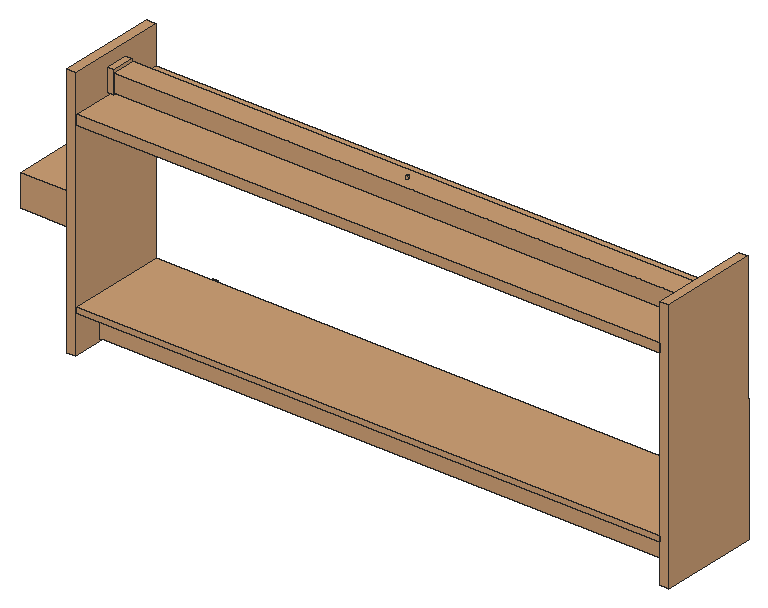
Revit family
Parameters
  Center of Unit = 0' - 0"  # constant formula
  Total Heating Capacity [instance] = 0.0 Btu/h
  Series = "VIFB"
  Outlet Area = 32.20 SF
  Lower Frame Thickness = if(Headers Height = 0' 3", 0' 1 1/4", if(Headers Height = 0' 3 1/4", 0' 1 1/4", 0' 0"))  # 0' - 1 1/4"
  Water Pressure Drop [instance] = 0.00 psi
  Water Flow [instance] = 0 GPM
  Unit Weight (lbs) = 1288
  URL = "http://www.ljwing.com/"
  Water Outlet Radius = 0' - 1 1/2"
  Headers Height = if(M = 0' 1", 0' 3", if(M = 0' 1 1/2", 0' 3 1/4", 0' 0"))  # 0' - 3 1/4"
  Number of Rows = 2  # constant formula
  Number of Coils [instance] = 0
  Nominal Length = 11' - 0 5/8"
  N = 1' - 0 3/4"
  Model = "VB-12W"
  Manufacturer = "LJ Wing"
  M = 0' - 1 1/2"
  Leaving Water Temperature [instance] = 0 °F
  Leaving Air Temperature [instance] = 0 °F
  Entering Water Temperature [instance] = 0 °F
  Entering Air Temperature [instance] = 0 °F
  Description = "Vertical Integral Face & Bypass Water Heating Coils"
  Hot Water Inlet  Radius = 0' - 1 1/2"
  Coil Face Area = Outlet Area * 0.56  # 18.032 SF
  Casing Material = ""
  Assembly Code = "D3020300"
  Air Vent Radius = 0' - 0 1/4"
  Air Pressure Drop [instance] = 0.00 in-wg
  Air Inlet Width = Nominal Length - 0' 4"  # 10' - 8 5/8"
  Air Inlet Height = Y  # 3' - 0"
  Air Flow [instance] = 0 CFM
  Y = 3' - 0"
  S = 0' - 9 3/4"  # constant formula
  Product URL = "http://www.ljwing.com/html/vifb.asp"
  OmniClass = "23-75 70 21 14 "
  Nominal Height = 4' - 8"
  Nominal Depth = 1' - 10"
  R = 0' - 10 1/4"  # constant formula
  Q = 0' - 3 5/16"
Reference planes (in)
  plane 1 "Center (Front/Back)": y = 0
  plane 2: z = -18
  plane 3 "Center (Left/Right)": x = 0
  plane 4: z = 28.25
  plane 5: x = -66.3125
  plane 6: x = 66.3125
  plane 7: z = -27.75
  plane 8: z = 0
  plane 9: y = -11
  plane 10: y = 11
  plane 11: z = 18
  plane 12: z = 20
  plane 13: z = -19.25
  plane 14: x = 64.3125
  plane 15: x = -64.3125
  plane 16: x = -63
  plane 17: x = 63
  plane 18: y = 14.0625
  plane 19: x = -77.3125
  plane 20: z = 25.125
  plane 21: z = 21.125
  plane 22: y = -2.5
  plane 23: y = 2.5
  plane 24: y = -4.5
  plane 25: z = -25.375
  plane 26: x = -53.5625
  plane 27: x = 53.5625
  plane 28: z = -21.375
Forms (in)
  Extrusion 1, solid, material "Painted Finish"
    sketch origin (0, 6, -9.75) x (1, 0, 0) y (0, 0, 1)
      loop
        line (-66.3125, -18) -> (-64.3125, -18) -> (-64.3125, 38) -> (-66.3125, 38) -> (-66.3125, -18)
      loop
        line (66.3125, -18) -> (66.3125, 38) -> (64.3125, 38) -> (64.3125, -18) -> (66.3125, -18)
    from -5 to 17
  Extrusion 2, solid, material "Painted Finish"
    sketch origin (0, 6, 0) x (1, 0, 0) y (0, 0, 1)
      loop
        line (64.3125, -18) -> (-64.3125, -18) -> (-64.3125, -19.25) -> (64.3125, -19.25) -> (64.3125, -18)
      loop
        line (64.3125, 18) -> (64.3125, 20) -> (-64.3125, 20) -> (-64.3125, 18) -> (64.3125, 18)
    from -5 to 17
  Extrusion 3, solid, material "Painted Finish"
    sketch origin (0, 10, -0.5) x (1, 0, 0) y (0, 0, 1)
      loop
        line (-66.3125, 4) -> (-77.3125, 4) -> (-77.3125, -3) -> (-66.3125, -3) -> (-66.3125, 4)
    from 0 to 20
  Extrusion 4, solid, material "Painted Finish"
    sketch origin (0, 6, 0) x (1, 0, 0) y (0, 0, 1)
      loop
        line (-62.6875, 25.125) -> (-62.6875, 21.125) -> (62.6875, 21.125) -> (62.6875, 25.125) -> (-62.6875, 25.125)
    from 3.5 to 8.5
  Extrusion 5, solid, material "Painted Finish"
    sketch origin (0, 0, 0) x (1, 0, 0) y (0, 0, 1)
      loop
        line (-62.6875, 20.625) -> (-62.6875, 25.625) -> (-64.3125, 25.625) -> (-64.3125, 20.625) -> (-62.6875, 20.625)
      loop
        line (64.3125, 20.625) -> (64.3125, 25.625) -> (62.6875, 25.625) -> (62.6875, 20.625) -> (64.3125, 20.625)
    from -2.5 to 2.5
  Extrusion 6, solid, material "Painted Finish"
    sketch origin (0, 6, 0) x (1, 0, 0) y (0, 0, 1)
      loop
        line (-63.8125, -19.75) -> (-63.8125, -19.5) -> (-64.3125, -19.5) -> (-64.3125, -23.25) -> (-63.8125, -23.25) -> (-63.8125, -23) -> (63.8125, -23) -> (63.8125, -23.25) -> (64.3125, -23.25) -> (64.3125, -19.5) -> (63.8125, -19.5) -> (63.8125, -19.75) -> (-63.8125, -19.75)
      loop
        line (63.8125, -27) -> (63.8125, -27.125) -> (64.3125, -27.125) -> (64.3125, -23.5) -> (63.8125, -23.5) -> (63.8125, -23.75) -> (-63.8125, -23.75) -> (-63.8125, -23.5) -> (-64.3125, -23.5) -> (-64.3125, -27.25) -> (-63.8125, -27.25) -> (-63.8125, -27) -> (63.8125, -27)
    from -5 to 10.5
  Extrusion 7, void
    sketch origin (0, 0, 0) x (1, 0, 0) y (0, 0, 1)
      loop
        line (-64.3125, 18) -> (-64.3125, -18) -> (64.3125, -18) -> (64.3125, 18) -> (-64.3125, 18)
    from -11 to 11
  Extrusion 8, solid, material "Painted Finish"
    sketch origin (0, 0, 0) x (1, 0, 0) y (0, 0, 1)
      loop
        circle (53.5625, -25.375) r 1.5
      loop
        circle (-53.5625, -21.375) r 1.5
    from -14.0625 to -11
  Extrusion 9, solid, material "Painted Finish"
    sketch origin (0, 0, 0) x (1, 0, 0) y (0, 1, 0)
      loop
        circle (0, 0) r 0.25
    from 25.125 to 25.625
Cuts and joins
  Extrusion 7 cuts Extrusion 1
  Extrusion 7 cuts Extrusion 2
Dimensions and locks (in)
  "Nominal Length": plane 6 to plane 5
  equal spacing: plane 6, plane 3 "Center (Left/Right)", plane 5
  "S": plane 2 to plane 7
  "Nominal Depth": plane 10 to plane 9
  equal spacing: plane 10, plane 1 "Center (Front/Back)", plane 9
  "Y": plane 11 to plane 2
  "R": plane 4 to plane 11
  locked: plane 12 to plane 11 at 2
  "Lower Frame Thickness": plane 2 to plane 13
  "Q": plane 16 to plane 5
  "Q": plane 6 to plane 17
  locked: plane 18 to plane 10 at 3.0625
  locked: plane 5 to plane 19 at 11
  locked: Extrusion 3 sketch curve to Extrusion 3 sketch curve at 7
  locked: Extrusion 3 to Extrusion 3 at 20
  locked: plane 6 to plane 14 at 2
  locked: plane 15 to plane 5 at 2
  locked: Extrusion 5 sketch curve to plane 20 at 0.5
  locked: plane 21 to Extrusion 5 sketch curve at 0.5
  locked: plane 20 to plane 21 at 4
  locked: plane 23 to plane 22 at 5
  equal spacing: plane 23, plane 1 "Center (Front/Back)", plane 22
  locked: plane 22 to plane 24 at 2
  plane 4 to plane 7 = 4' - 8"
  locked: Extrusion 5 sketch curve to Extrusion 1 at 1.625
  locked: Extrusion 5 sketch curve to Extrusion 5 sketch curve at 1.625
  locked: Extrusion 7 sketch curve to plane 11 at 0
  locked: Extrusion 7 sketch curve to plane 15 at 0
  locked: Extrusion 7 sketch curve to plane 14 at 0
  locked: plane 15 to Extrusion 6 sketch curve at 0.5
  locked: Extrusion 6 sketch curve to Extrusion 6 sketch curve at 0.25  (x2)
  locked: plane 25 to plane 7 at 2.375
  "N": plane 26 to plane 5
  "N": plane 6 to plane 27
  locked: plane 28 to plane 7 at 6.375
  "Headers Height": Extrusion 6 sketch curve to Extrusion 6 sketch curve  (x2)
  locked: Extrusion 8 sketch curve to plane 25 at 0
  locked: Extrusion 8 sketch curve to plane 28 at 0
  locked: Extrusion 9 sketch curve to plane 1 "Center (Front/Back)" at 0
  locked: Extrusion 9 sketch curve to plane 3 "Center (Left/Right)" at 0
  equal spacing: Extrusion 6 sketch curve, plane 28, Extrusion 6 sketch curve
  equal spacing: Extrusion 6 sketch curve, plane 25, Extrusion 6 sketch curve
  locked: plane 4 to plane 20 at 3.125
  locked: Extrusion 7 sketch curve to plane 2 at 0
  equal spacing: plane 11, plane 8, plane 2
  locked: Extrusion 8 sketch curve to plane 27 at 0
  locked: Extrusion 8 sketch curve to plane 26 at 0
  "M": radius of Extrusion 8 sketch curve  (x2)
  "Air Vent Radius": radius of Extrusion 9 sketch curve
  aligned and locked: Extrusion 1 to plane 9
  aligned and locked: Extrusion 1 to plane 10
  aligned and locked: plane 15 to Extrusion 1
  aligned and locked: Extrusion 1 to plane 14
  aligned and locked: plane 9 to Extrusion 2
  aligned and locked: plane 9 to Extrusion 1
  aligned and locked: plane 10 to Extrusion 1  (x2)
  aligned and locked: Extrusion 2 to plane 10
  aligned and locked: plane 10 to Extrusion 2  (x2)
  aligned and locked: Extrusion 2 to plane 9  (x2)
  aligned and locked: plane 5 to Extrusion 3
  aligned and locked: Extrusion 5 sketch curve to plane 15
  aligned and locked: Extrusion 5 sketch curve to Extrusion 4
  aligned and locked: Extrusion 1 to Extrusion 6
  aligned and locked: plane 22 to Extrusion 5
  aligned and locked: Extrusion 5 to Extrusion 4  (x2)
  aligned and locked: Extrusion 5 to plane 23
  aligned and locked: Extrusion 6 to plane 24
  aligned and locked: Extrusion 4 to Extrusion 5  (x2)
  aligned and locked: Extrusion 5 to Extrusion 1  (x2)
  aligned and locked: Extrusion 1 to Extrusion 7  (x2)
  aligned and locked: Extrusion 8 to plane 18
  aligned and locked: Extrusion 8 to plane 10
  aligned and locked: plane 20 to Extrusion 9
  aligned and locked: Extrusion 9 to Extrusion 5
  aligned and locked: plane 2 to cut or joined group of Extrusion 2, Extrusion 7
  aligned and locked: plane 6 to Extrusion 1 sketch curve
  aligned and locked: plane 14 to Extrusion 1 sketch curve
  aligned and locked: Extrusion 1 sketch curve to plane 15
  aligned and locked: Extrusion 1 sketch curve to plane 5
  aligned and locked: plane 4 to Extrusion 1 sketch curve
  aligned and locked: Extrusion 1 sketch curve to plane 4
  aligned and locked: plane 7 to Extrusion 1 sketch curve
  aligned and locked: Extrusion 1 sketch curve to plane 7
  aligned and locked: Extrusion 2 sketch curve to plane 11
  aligned and locked: Extrusion 2 sketch curve to plane 12
  aligned and locked: plane 2 to Extrusion 2 sketch curve
  aligned and locked: Extrusion 2 sketch curve to plane 13
  aligned and locked: Extrusion 2 sketch curve to plane 14  (x2)
  aligned and locked: Extrusion 2 sketch curve to plane 15  (x2)
  aligned and locked: Extrusion 4 sketch curve to plane 20
  aligned and locked: Extrusion 4 sketch curve to plane 21
  aligned and locked: Extrusion 6 sketch curve to plane 14  (x2)
  aligned and locked: plane 15 to Extrusion 6 sketch curve  (x2)
Automatic sketch dimensions
  Extrusion 3 sketch curve to plane 19 = 0' - 0"
  Extrusion 3 sketch curve to plane 5 = 0' - 0"
  plane 8 to Extrusion 3 sketch curve = 0' - 3 1/2"
  plane 16 to Extrusion 4 sketch curve = 0' - 0 5/16"
  Extrusion 4 sketch curve to plane 17 = 0' - 0 5/16"
  plane 21 to Extrusion 5 sketch curve = 0' - 0 1/2"
  Extrusion 5 sketch curve to plane 20 = 0' - 0 1/2"
  plane 15 to Extrusion 6 sketch curve = 0' - 0 1/2"  (x2)
  Extrusion 6 sketch curve to Extrusion 6 sketch curve = 0' - 0 1/4"  (x5)
  Extrusion 6 sketch curve to Extrusion 6 sketch curve = 0' - 0"  (x2)
  Extrusion 6 sketch curve to plane 14 = 0' - 0 1/2"  (x2)
  Extrusion 6 sketch curve to Extrusion 6 sketch curve = 0' - 0 1/2"
  Extrusion 6 sketch curve to plane 7 = 0' - 0 5/8"
Connectors (in)
  hvac at (0, -11, 0), driven by "Air Inlet Height", driven by "Air Inlet Width", driven by "Air Flow", driven by "Air Pressure Drop"
    settings: on Extrusion 7, index 1
  hvac at (0, 11, 0), driven by "Air Pressure Drop", driven by "Air Inlet Height", driven by "Air Inlet Width", driven by "Air Flow"
    settings: on Extrusion 7, index 2
  piping at (-53.5625, 14.0625, -21.375), driven by "M", driven by "Water Flow", driven by "Water Pressure Drop"
    settings: on Extrusion 8, index 4
  piping at (53.5625, 14.0625, -25.375), driven by "Water Pressure Drop", driven by "Water Flow", driven by "M"
    settings: on Extrusion 8, index 5
